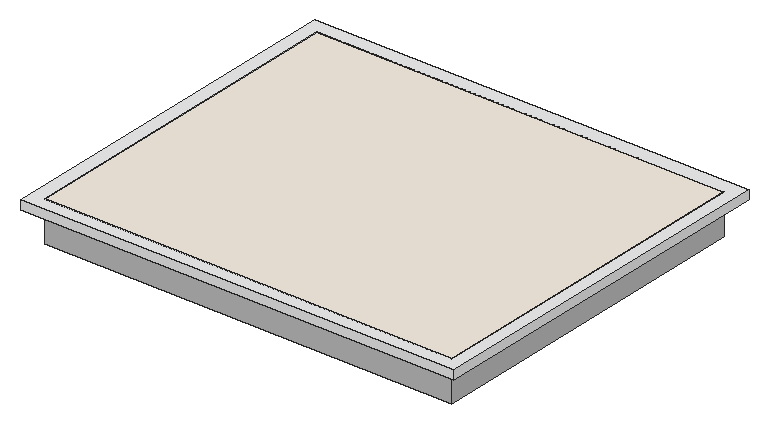
Revit family "Lighting-Industriale-GEWISS-ELIA-HL-LED_RIFLETTORE", category Apparecchi per illuminazione, host Superficie, Revit 2019 (continued)
Types (12, lengths in mm): name | Tensione | Scheda Tecnica | Potenza di sistema | Peso (kg): | Peso (kg) | Ottica | built-in parameter 1150142 | Lumen output (lm) | Modello | IDT | File diagramma fotometrico | Description
  GWF1000QL840 - ELIA HL L2 90° 4000K S.ALONE ON/OFF | "100-240 V " | "https://www.gewiss.com/it/it/search?q=GWF1000QL840" | "200W" | "4,3" | "4,3" | "90°" | "IESNA:LM-63-1995\r\n[TEST] HB25-120-4080-90D-H00108\r\n[DATE] 27 Nov 2019\r\n[MANUFAC] GEWISS\r\n[LUMCAT] GWF1000QL840\r\n[LUMINAIRE] ELIA HL - L2 90° LED840 200W\r\n[FLASHAREA] 0.013851\r\n[LAMPCAT] LED 200W/26900lm\r\n[LAMP] LED 200W/26900lm\r\nTILT=NONE\r\n1 26900.00 1.0 181 37 1 2 -0.270 0.000 0.000\r\n1.00 1.00 200.00\r\n0.00 0.50 1.00 1.50 2.00 2.50 3.00 3.50 4.00 4.50 5.00 \r\n5.50 6.00 6.50 7.00 7.50 8.00 8.50 9.00 9.50 10.00 10.50 \r\n11.00 11.50 12.00 12.50 13.00 13.50 14.00 14.50 15.00 \r\n15.50 16.00 16.50 17.00 17.50 18.00 18.50 19.00 19.50 \r\n20.00 20.50 21.00 21.50 22.00 22.50 23.00 23.50 24.00 \r\n24.50 25.00 25.50 26.00 26.50 27.00 27.50 28.00 28.50 \r\n29.00 29.50 30.00 30.50 31.00 31.50 32.00 32.50 33.00 \r\n33.50 34.00 34.50 35.00 35.50 36.00 36.50 37.00 37.50 \r\n38.00 38.50 39.00 39.50 40.00 40.50 41.00 41.50 42.00 \r\n42.50 43.00 43.50 44.00 44.50 45.00 45.50 46.00 46.50 \r\n47.00 47.50 48.00 48.50 49.00 49.50 50.00 50.50 51.00 \r\n51.50 52.00 52.50 53.00 53.50 54.00 54.50 55.00 55.50 \r\n56.00 56.50 57.00 57.50 58.00 58.50 59.00 59.50 60.00 \r\n60.50 61.00 61.50 62.00 62.50 63.00 63.50 64.00 64.50 \r\n65.00 65.50 66.00 66.50 67.00 67.50 68.00 68.50 69.00 \r\n69.50 70.00 70.50 71.00 71.50 72.00 72.50 73.00 73.50 \r\n74.00 74.50 75.00 75.50 76.00 76.50 77.00 77.50 78.00 \r\n78.50 79.00 79.50 80.00 80.50 81.00 81.50 82.00 82.50 \r\n83.00 83.50 84.00 84.50 85.00 85.50 86.00 86.50 87.00 \r\n87.50 88.00 88.50 89.00 89.50 90.00 \r\n0.00 2.50 5.00 7.50 10.00 12.50 15.00 17.50 20.00 22.50 \r\n25.00 27.50 30.00 32.50 35.00 37.50 40.00 42.50 45.00 \r\n47.50 50.00 52.50 55.00 57.50 60.00 62.50 65.00 67.50 \r\n70.00 72.50 75.00 77.50 80.00 82.50 85.00 87.50 90.00 \r\n13471.52 13471.52 13474.21 13479.59 13482.28 13487.66 \r\n13495.73 13501.11 13509.18 13519.94 13533.39 13544.15 \r\n13557.60 13571.05 13584.50 13597.95 13611.40 13627.54 \r\n13643.68 13659.82 13675.96 13689.41 13705.55 13719.00 \r\n13735.14 13745.90 13759.35 13770.11 13780.87 13786.25 \r\n13794.32 13797.01 13797.01 13797.01 13794.32 13788.94 \r\n13778.18 13764.73 13748.59 13732.45 13710.93 13686.72 \r\n13657.13 13624.85 13587.19 13546.84 13503.80 13458.07 \r\n13406.96 13350.47 13291.29 13226.73 13156.79 13081.47 \r\n13000.77 12912.00 12815.16 12710.25 12594.58 12465.46 \r\n12330.96 12183.01 12029.68 11862.90 11693.43 11521.27 \r\n11341.04 11147.36 10934.85 10706.20 10456.03 10178.96 \r\n9891.13 9622.13 9353.13 9081.44 8812.44 8562.27 8317.48 \r\n8078.07 7838.66 7593.87 7351.77 7128.50 6915.99 6708.86 \r\n6507.11 6318.81 6133.20 5942.21 5751.22 5570.99 5396.14 \r\n5229.36 5065.27 4906.56 4753.23 4599.90 4449.26 4306.69 \r\n4169.50 4029.62 3895.12 3766.00 3642.26 3521.21 3402.85 \r\n3287.18 3168.82 3047.77 2926.72 2805.67 2688.65 2573.25 \r\n2462.16 2358.86 2259.33 2160.07 2065.92 1982.80 1906.13 \r\n1832.43 1762.76 1698.73 1636.60 1573.38 1510.17 1447.49 \r\n1385.08 1322.40 1260.26 1199.74 1141.37 1086.49 1035.11 \r\n987.50 942.04 896.31 852.46 812.92 776.87 745.13 713.93 \r\n677.34 640.49 606.33 573.51 541.23 509.49 478.28 448.42 \r\n420.72 395.16 372.56 352.39 335.17 318.23 297.25 275.99 \r\n256.41 237.15 217.46 198.25 180.55 163.61 146.87 130.68 \r\n115.19 100.42 86.51 73.49 61.60 50.60 40.32 30.93 22.37 \r\n15.16 9.93 6.46 4.74 4.78 \r\n13471.52 13471.52 13474.21 13478.24 13482.28 13487.66 \r\n13495.73 13501.11 13509.18 13519.94 13533.39 13544.15 \r\n13557.60 13571.05 13584.50 13597.95 13612.74 13628.88 \r\n13645.02 13659.82 13675.96 13690.75 13706.89 13720.34 \r\n13735.14 13747.24 13760.69 13771.45 13780.87 13788.94 \r\n13794.32 13797.01 13799.70 13798.35 13795.66 13788.94 \r\n13780.87 13768.76 13752.62 13733.79 13712.27 13688.06 \r\n13658.47 13626.19 13589.88 13549.53 13506.49 13460.76 \r\n13409.65 13354.50 13295.32 13229.42 13159.48 13084.16 \r\n13002.11 12913.34 12817.85 12711.59 12597.27 12470.84 \r\n12334.99 12189.73 12035.06 11870.97 11700.15 11527.99 \r\n11345.07 11150.05 10938.88 10708.89 10461.41 10185.68 \r\n9901.89 9631.54 9363.89 9090.85 8821.85 8566.30 8318.82 \r\n8078.07 7840.00 7595.21 7357.15 7135.22 6924.06 6716.93 \r\n6516.52 6324.19 6133.20 5942.21 5752.56 5573.68 5400.17 \r\n5230.70 5067.96 4909.25 4755.92 4601.24 4453.30 4309.38 \r\n4169.50 4030.96 3897.81 3768.69 3643.60 3523.90 3405.54 \r\n3287.18 3171.51 3050.46 2928.06 2811.05 2692.69 2578.23 \r\n2467.40 2363.70 2264.44 2165.85 2072.64 1989.52 1912.59 \r\n1838.88 1769.48 1705.06 1642.65 1579.57 1516.62 1453.81 \r\n1391.13 1328.99 1267.66 1206.73 1148.09 1093.22 1041.70 \r\n993.55 947.42 901.02 856.76 816.55 779.70 747.28 715.27 \r\n678.82 641.97 607.81 574.85 542.57 510.97 479.76 449.77 \r\n421.93 396.37 374.04 353.87 336.38 318.90 297.92 276.53 \r\n256.41 236.80 217.00 197.84 180.12 163.22 146.62 130.59 \r\n115.27 100.63 86.71 73.68 61.72 50.68 40.40 31.02 22.43 \r\n15.20 9.96 6.48 4.76 4.79 \r\n13471.52 13471.52 13474.21 13478.24 13482.28 13487.66 \r\n13494.38 13501.11 13510.52 13519.94 13533.39 13544.15 \r\n13557.60 13569.70 13583.15 13599.29 13612.74 13628.88 \r\n13645.02 13661.16 13675.96 13692.10 13706.89 13721.69 \r\n13736.48 13748.59 13762.04 13772.80 13782.21 13790.28 \r\n13795.66 13798.35 13801.04 13799.70 13797.01 13791.63 \r\n13782.21 13771.45 13755.31 13736.48 13716.31 13690.75 \r\n13661.16 13628.88 13592.57 13552.22 13509.18 13463.45 \r\n13413.68 13357.19 13296.67 13232.11 13163.51 13086.85 \r\n13006.15 12918.72 12820.54 12715.63 12601.30 12476.22 \r\n12340.37 12196.46 12041.78 11877.69 11706.88 11533.37 \r\n11350.45 11152.74 10941.57 10714.27 10469.48 10195.10 \r\n9912.65 9643.65 9377.34 9101.61 8831.27 8571.68 8320.17 \r\n8076.72 7838.66 7595.21 7358.49 7140.60 6929.44 6722.31 \r\n6521.90 6326.88 6134.55 5942.21 5753.91 5576.37 5402.86 \r\n5233.40 5067.96 4910.60 4757.26 4602.59 4453.30 4309.38 \r\n4169.50 4033.65 3900.50 3770.03 3644.95 3523.90 3406.88 \r\n3289.87 3171.51 3051.80 2932.10 2813.74 2698.07 2583.07 \r\n2472.51 2368.81 2269.55 2171.64 2079.10 1996.11 1918.91 \r\n1845.47 1776.07 1711.24 1648.57 1585.89 1523.08 1459.86 \r\n1397.05 1335.32 1274.39 1213.59 1154.68 1099.81 1047.89 \r\n999.47 952.80 905.86 860.93 820.18 782.52 749.16 716.62 \r\n680.17 643.72 609.28 576.20 543.92 512.44 480.97 450.98 \r\n423.14 397.58 375.12 355.08 337.19 319.30 298.32 276.67 \r\n256.22 236.24 216.38 197.27 179.60 162.73 146.27 130.40 \r\n115.23 100.73 86.81 73.73 61.75 50.68 40.42 31.06 22.46 \r\n15.23 9.98 6.49 4.76 4.78 \r\n13471.52 13471.52 13474.21 13478.24 13483.62 13489.00 \r\n13494.38 13502.45 13510.52 13521.28 13532.04 13544.15 \r\n13557.60 13571.05 13584.50 13599.29 13612.74 13628.88 \r\n13645.02 13661.16 13677.30 13692.10 13708.24 13721.69 \r\n13737.83 13751.28 13763.38 13774.14 13782.21 13790.28 \r\n13797.01 13799.70 13802.39 13801.04 13799.70 13794.32 \r\n13784.90 13771.45 13758.00 13740.52 13719.00 13693.44 \r\n13665.20 13632.92 13596.60 13556.25 13514.56 13467.48 \r\n13416.37 13361.23 13302.05 13236.14 13167.55 13090.88 \r\n13008.84 12921.41 12825.92 12719.66 12605.34 12481.60 \r\n12347.10 12204.53 12049.85 11887.11 11714.95 11540.10 \r\n11355.83 11158.12 10946.95 10720.99 10476.20 10204.51 \r\n9926.10 9657.10 9389.44 9112.37 8839.34 8577.06 8322.86 \r\n8078.07 7837.31 7596.56 7361.18 7143.29 6933.47 6727.69 \r\n6525.94 6328.22 6133.20 5940.86 5755.25 5579.06 5406.90 \r\n5236.09 5070.65 4911.94 4758.61 4605.28 4453.30 4310.72 \r\n4170.85 4033.65 3901.85 3772.72 3647.64 3526.59 3405.54 \r\n3288.52 3171.51 3051.80 2933.44 2815.09 2700.76 2587.51 \r\n2477.62 2374.06 2274.39 2177.15 2085.15 2002.17 1924.96 \r\n1851.66 1782.39 1717.16 1654.22 1591.54 1529.00 1465.51 \r\n1402.57 1341.37 1280.71 1220.05 1161.00 1106.13 1054.21 \r\n1005.12 957.77 910.43 864.83 823.27 784.94 750.78 717.56 \r\n681.38 645.20 610.76 577.27 544.99 513.52 482.32 452.19 \r\n424.21 398.66 376.20 356.02 337.73 319.44 298.32 276.67 \r\n255.85 235.54 215.66 196.60 178.95 162.17 145.84 130.14 \r\n115.12 100.71 86.82 73.73 61.72 50.64 40.38 31.03 22.46 \r\n15.23 9.98 6.49 4.75 4.76 \r\n13471.52 13472.86 13474.21 13478.24 13483.62 13489.00 \r\n13494.38 13502.45 13510.52 13521.28 13532.04 13544.15 \r\n13557.60 13571.05 13584.50 13599.29 13612.74 13628.88 \r\n13645.02 13661.16 13677.30 13692.10 13708.24 13724.38 \r\n13737.83 13752.62 13763.38 13774.14 13784.90 13791.63 \r\n13797.01 13802.39 13803.73 13802.39 13801.04 13795.66 \r\n13786.25 13775.49 13760.69 13743.21 13721.69 13696.13 \r\n13667.89 13634.26 13599.29 13560.29 13518.59 13471.52 \r\n13420.41 13365.26 13306.08 13241.52 13171.58 13096.26 \r\n13015.56 12926.79 12831.30 12725.04 12612.06 12488.32 \r\n12355.17 12212.60 12059.27 11895.18 11724.36 11548.17 \r\n11362.56 11164.84 10952.33 10726.37 10485.62 10216.62 \r\n9939.55 9670.55 9401.55 9124.48 8850.10 8583.79 8325.55 \r\n8078.07 7837.31 7596.56 7362.53 7145.98 6934.82 6730.38 \r\n6528.63 6328.22 6131.85 5942.21 5756.60 5581.75 5409.59 \r\n5238.77 5071.99 4913.28 4758.61 4605.28 4454.64 4309.38 \r\n4169.50 4033.65 3901.85 3774.07 3648.99 3526.59 3406.88 \r\n3289.87 3171.51 3051.80 2933.44 2817.77 2704.79 2591.68 \r\n2482.60 2378.77 2278.97 2181.99 2090.67 2007.68 1930.48 \r\n1857.18 1788.04 1722.41 1659.06 1596.51 1534.11 1470.62 \r\n1407.54 1346.34 1286.22 1225.56 1166.79 1111.78 1059.59 \r\n1010.23 962.35 914.47 868.60 826.23 786.96 751.85 718.10 \r\n682.45 646.81 611.98 578.22 545.94 514.60 483.26 453.00 \r\n425.02 399.46 377.14 356.83 338.13 319.30 298.05 276.40 \r\n255.32 234.74 214.82 195.83 178.25 161.57 145.38 129.83 \r\n114.93 100.65 86.77 73.65 61.64 50.56 40.31 30.98 22.43 \r\n15.23 9.98 6.48 4.74 4.74 \r\n13471.52 13472.86 13474.21 13478.24 13482.28 13487.66 \r\n13494.38 13502.45 13510.52 13521.28 13532.04 13544.15 \r\n13557.60 13571.05 13585.84 13599.29 13614.09 13628.88 \r\n13645.02 13661.16 13677.30 13693.44 13708.24 13724.38 \r\n13739.17 13752.62 13766.07 13776.83 13784.90 13794.32 \r\n13799.70 13803.73 13805.08 13805.08 13802.39 13797.01 \r\n13790.28 13778.18 13763.38 13745.90 13724.38 13698.82 \r\n13670.58 13639.64 13603.33 13564.32 13521.28 13475.55 \r\n13424.44 13370.64 13311.46 13246.90 13176.96 13101.64 \r\n13020.94 12932.17 12835.33 12731.77 12617.44 12495.05 \r\n12361.89 12220.67 12068.68 11905.94 11735.12 11557.58 \r\n11370.63 11172.91 10961.75 10737.13 10496.38 10228.72 \r\n9953.00 9684.00 9413.65 9136.58 8860.86 8591.86 8329.58 \r\n8079.41 7835.97 7596.56 7365.22 7147.33 6936.16 6730.38 \r\n6528.63 6326.88 6130.51 5940.86 5757.94 5583.10 5413.63 \r\n5241.46 5073.34 4914.63 4758.61 4606.63 4454.64 4309.38 \r\n4169.50 4033.65 3903.19 3775.41 3650.33 3527.93 3406.88 \r\n3288.52 3172.86 3051.80 2933.44 2819.12 2706.14 2595.45 \r\n2487.17 2382.94 2282.87 2186.30 2095.24 2012.25 1934.92 \r\n1861.75 1792.75 1726.85 1663.23 1600.55 1538.28 1474.66 \r\n1411.58 1350.65 1290.66 1230.27 1171.63 1116.62 1064.30 \r\n1014.40 966.11 917.83 871.56 828.52 788.57 752.53 718.36 \r\n682.99 647.75 612.78 578.75 546.47 515.27 483.80 453.80 \r\n425.69 400.14 377.81 357.23 338.00 318.90 297.65 275.99 \r\n254.66 233.86 213.95 195.05 177.55 160.94 144.90 129.50 \r\n114.73 100.51 86.67 73.56 61.53 50.46 40.22 30.91 22.38 \r\n15.21 9.97 6.47 4.72 4.71 \r\n13471.52 13472.86 13474.21 13478.24 13482.28 13487.66 \r\n13494.38 13502.45 13511.87 13521.28 13532.04 13545.49 \r\n13557.60 13571.05 13585.84 13599.29 13614.09 13630.23 \r\n13646.37 13661.16 13677.30 13693.44 13709.58 13725.72 \r\n13740.52 13753.97 13766.07 13776.83 13787.59 13795.66 \r\n13801.04 13805.08 13806.42 13806.42 13805.08 13799.70 \r\n13791.63 13780.87 13766.07 13748.59 13727.07 13702.86 \r\n13674.61 13642.33 13607.36 13568.36 13525.32 13479.59 \r\n13429.82 13376.02 13315.50 13252.28 13182.34 13107.02 \r\n13026.32 12937.55 12842.06 12738.49 12625.51 12501.77 \r\n12369.96 12228.74 12078.10 11918.04 11748.57 11569.69 \r\n11381.39 11183.67 10971.16 10747.89 10507.14 10243.52 \r\n9970.48 9698.79 9428.45 9150.03 8871.62 8601.27 8337.65 \r\n8082.10 7835.97 7597.90 7367.91 7150.02 6937.51 6731.72 \r\n6528.63 6326.88 6127.82 5940.86 5759.29 5585.78 5416.31 \r\n5244.15 5073.34 4914.63 4759.95 4605.28 4454.64 4308.03 \r\n4168.15 4035.00 3904.53 3776.76 3651.67 3527.93 3406.88 \r\n3288.52 3171.51 3053.15 2934.79 2820.46 2707.49 2598.41 \r\n2491.07 2386.70 2286.10 2189.66 2098.74 2015.62 1938.14 \r\n1865.38 1796.25 1730.07 1666.05 1603.37 1541.10 1477.48 \r\n1414.27 1353.61 1293.89 1233.77 1175.26 1120.25 1067.80 \r\n1017.49 968.80 920.25 873.58 829.87 789.25 752.53 717.96 \r\n682.99 648.42 613.19 578.62 546.61 515.40 484.20 454.07 \r\n426.23 400.41 377.94 357.23 337.73 318.09 296.98 275.32 \r\n253.88 232.95 213.09 194.27 176.84 160.34 144.41 129.15 \r\n114.47 100.36 86.55 73.44 61.44 50.36 40.13 30.83 22.33 \r\n15.19 9.96 6.46 4.70 4.69 \r\n13471.52 13472.86 13474.21 13478.24 13482.28 13487.66 \r\n13494.38 13502.45 13511.87 13522.63 13533.39 13544.15 \r\n13557.60 13569.70 13584.50 13599.29 13614.09 13628.88 \r\n13645.02 13661.16 13677.30 13693.44 13708.24 13724.38 \r\n13740.52 13753.97 13766.07 13776.83 13787.59 13795.66 \r\n13801.04 13805.08 13807.77 13807.77 13805.08 13801.04 \r\n13792.97 13782.21 13768.76 13751.28 13731.10 13705.55 \r\n13677.30 13646.37 13611.40 13572.39 13530.70 13483.62 \r\n13433.86 13380.06 13322.22 13257.66 13187.72 13113.75 \r\n13031.70 12944.28 12848.78 12745.22 12633.58 12511.19 \r\n12380.72 12240.84 12090.20 11930.15 11760.68 11583.14 \r\n11396.18 11197.12 10987.30 10764.03 10524.62 10259.66 \r\n9985.28 9714.93 9440.55 9162.14 8885.07 8616.07 8349.76 \r\n8092.86 7842.69 7603.28 7371.94 7151.36 6937.51 6730.38 \r\n6525.94 6324.19 6125.13 5939.52 5760.64 5587.13 5416.31 \r\n5244.15 5076.03 4915.97 4761.30 4607.97 4457.33 4312.07 \r\n4170.85 4037.69 3907.22 3779.45 3654.36 3530.63 3409.57 \r\n3291.21 3174.20 3054.49 2934.79 2821.81 2710.17 2600.56 \r\n2493.23 2388.32 2287.04 2190.33 2099.14 2015.48 1937.47 \r\n1864.44 1795.17 1728.59 1664.44 1601.76 1539.62 1476.00 \r\n1412.92 1351.99 1292.28 1232.29 1174.05 1118.91 1065.91 \r\n1015.74 967.19 918.90 872.23 828.39 787.36 750.51 715.67 \r\n681.11 646.81 611.57 576.87 544.86 514.06 483.12 453.40 \r\n425.56 399.73 377.14 356.16 336.52 316.75 295.63 274.11 \r\n252.94 232.28 212.54 193.79 176.37 159.89 144.09 128.96 \r\n114.39 100.32 86.59 73.53 61.56 50.46 40.19 30.83 22.33 \r\n15.19 9.95 6.45 4.70 4.68 \r\n13471.52 13471.52 13474.21 13478.24 13482.28 13487.66 \r\n13494.38 13502.45 13511.87 13521.28 13532.04 13544.15 \r\n13556.25 13571.05 13583.15 13597.95 13614.09 13628.88 \r\n13645.02 13659.82 13675.96 13692.10 13708.24 13724.38 \r\n13737.83 13752.62 13764.73 13775.49 13786.25 13795.66 \r\n13801.04 13805.08 13807.77 13807.77 13805.08 13801.04 \r\n13794.32 13783.56 13771.45 13753.97 13732.45 13709.58 \r\n13681.34 13649.06 13614.09 13576.43 13534.73 13489.00 \r\n13439.24 13386.78 13326.26 13263.04 13194.45 13119.13 \r\n13038.43 12951.00 12855.51 12753.29 12641.65 12520.60 \r\n12391.48 12251.60 12102.31 11943.60 11775.47 11599.28 \r\n11412.32 11214.61 11004.79 10781.52 10542.11 10277.14 \r\n10002.76 9729.73 9455.35 9176.93 8899.86 8630.86 8365.90 \r\n8104.97 7852.11 7608.66 7375.98 7152.71 6938.85 6729.03 \r\n6524.59 6320.15 6123.78 5936.83 5759.29 5585.78 5417.66 \r\n5245.50 5077.38 4915.97 4761.30 4607.97 4460.02 4314.76 \r\n4174.88 4039.03 3908.57 3782.14 3658.40 3534.66 3412.26 \r\n3292.56 3176.89 3055.84 2936.14 2823.15 2711.52 2601.90 \r\n2494.57 2389.12 2287.04 2189.93 2098.47 2014.14 1935.45 \r\n1862.15 1792.62 1726.04 1661.61 1598.94 1536.80 1473.31 \r\n1410.23 1349.17 1289.32 1229.73 1171.63 1116.08 1062.95 \r\n1012.78 964.37 916.62 870.22 825.96 784.54 747.69 712.98 \r\n678.82 644.79 609.42 574.72 543.11 512.44 481.78 452.19 \r\n424.62 398.93 375.93 354.81 334.90 315.13 294.02 272.77 \r\n251.95 231.64 212.04 193.36 175.95 159.49 143.81 128.78 \r\n114.28 100.28 86.60 73.64 61.68 50.59 40.24 30.83 22.32 \r\n15.18 9.95 6.45 4.69 4.67 \r\n13471.52 13471.52 13474.21 13478.24 13482.28 13487.66 \r\n13494.38 13502.45 13510.52 13521.28 13530.70 13544.15 \r\n13556.25 13569.70 13583.15 13596.60 13612.74 13628.88 \r\n13645.02 13659.82 13675.96 13692.10 13708.24 13723.03 \r\n13737.83 13751.28 13764.73 13775.49 13786.25 13794.32 \r\n13801.04 13805.08 13807.77 13807.77 13807.77 13803.73 \r\n13795.66 13786.25 13772.80 13755.31 13736.48 13712.27 \r\n13684.03 13653.09 13618.12 13581.81 135
